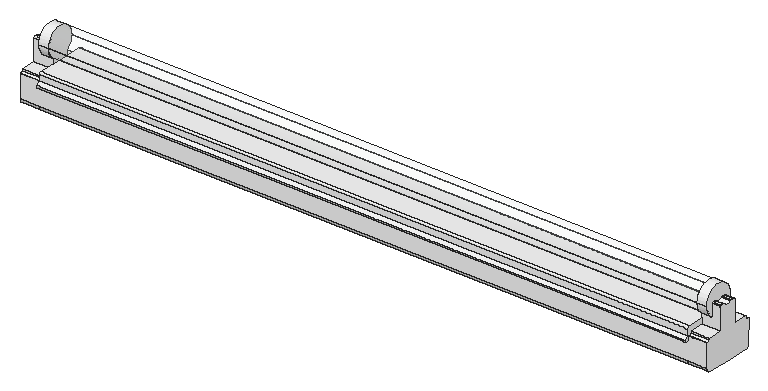
Revit family "CH3", category Lighting Fixtures, host Face, Revit 2012
Parameters (values of type "CH3")
  Wattage Comments = "14W - 54W"
  Wattage = 54 W
  built-in parameter 1150110 = 1 (stored number, unit not read)
  URL = "http://www.columbialighting.com/"
  built-in parameter 1114217 = 1 (stored number, unit not read)
  Tilt Angle = -90.00°
  built-in parameter 1150109 = 1 (stored number, unit not read)
  built-in parameter 1150134 = 3
  built-in parameter 1150113 = 1 (stored number, unit not read)
  Product Page URL = "http://www.columbialighting.com/products/ch"
  Product Documentation Link = "http://www.columbialighting.com/content/products/specs/specs_files/ch.pdf"
  Photometric Web File = "generic"
  built-in parameter 1150142 = (empty or 0)
  Model = "CH3"  # constant formula
  Manufacturer Phone = "864.678.1000"  # constant formula
  Manufacturer Fax = "866.898.1065"  # constant formula
  Manufacturer = "Columbia Lighting"  # constant formula
  built-in parameter 1150105 = 638.31 (stored number, unit not read)
  Lumens = 8021.27 lm
  built-in parameter 1150115 = 1 (stored number, unit not read)
  built-in parameter 1150137 = (empty or 0)
  built-in parameter 1150139 = (empty or 0)
  built-in parameter 1150112 = 1 (stored number, unit not read)
  built-in parameter 1150114 = 1 (stored number, unit not read)
  Lamp = "1 OR 2"  # constant formula
  built-in parameter 1150132 = (empty or 0)
  built-in parameter 1150102 = (empty or 0)
  built-in parameter 1150107 = 3200 (stored number, unit not read)
  built-in parameter 1150138 = (empty or 0)
  built-in parameter 1150106 = 6.3831 (stored number, unit not read)
  Glass = Glass
  Emit from Line Length = 15.000"
  built-in parameter 1150104 = 13.8 (stored number, unit not read)
  Dimming Lamp Color Temperature Shift = <None>
  Description = "2', 3', 4', or 8' Heavy Duty Narrow Channel / 1or 2-Lamp T5, T8"  # constant formula
  Default Elevation = 48.000"
  Color Filter = 16777215
  built-in parameter 1114218 = 1 (stored number, unit not read)
  Backbox = White
  built-in parameter 1150133 = 10 (stored number, unit not read)
Reference planes (in)
  plane 1 "Center (Front/Back)": y = 0.03999
  plane 2: z = 0
  plane 3 "Center (Left/Right)": x = -6.42646
  plane 4: y = 1.53999
  plane 5: y = -1.46001
  plane 6: x = -24.42646
  plane 7: x = 11.57354
  plane 8: x = -23.92646
  plane 9: x = 11.07354
  plane 10: z = 3.4375
  plane 11: z = 1.5625
  plane 12: x = 10.57354
  plane 13: x = -23.42646
  plane 14: z = 1.8125
Forms (in)
  Extrusion 1, solid, material "White" <- "Backbox"
    sketch origin (-6.42646, 0, 0) x (0, 1, 0) y (0, 0, 1)
      loop
        line (0.03999, 1.5625) -> (-1.1639, 1.5625) -> (-1.1639, 1.4809)
        arc (-1.1639, 1.4809) -> (-1.18847, 1.42158) -> (-1.2478, 1.397) r 0.08389
        line (-1.2478, 1.397) -> (-1.30283, 1.397) -> (-1.30283, 0.20563)
        arc (-1.30283, 0.20563) -> (-1.24261, 0.06023) -> (-1.09721, 0) r 0.20563
        line (-1.09721, 0) -> (0.03999, 0) -> (1.17719, 0)
        arc (1.17719, 0) -> (1.32259, 0.06023) -> (1.38282, 0.20563) r 0.20563
        line (1.38282, 0.20563) -> (1.38282, 1.397) -> (1.32778, 1.397)
        arc (1.32778, 1.397) -> (1.26846, 1.42158) -> (1.24388, 1.4809) r 0.08389
        line (1.24388, 1.4809) -> (1.24388, 1.5625) -> (0.03999, 1.5625)
    from -18 to -17
  Extrusion 2, solid, material "White" <- "Backbox"
    sketch origin (-6.42646, 0, 0) x (0, 1, 0) y (0, 0, 1)
      loop
        line (1.38282, 0.20563) -> (1.38282, 1.147) -> (1.48609, 1.147)
        arc (1.48609, 1.147) -> (1.53766, 1.18078) -> (1.52729, 1.24156) r 0.05626
        arc (1.52729, 1.24156) -> (1.45578, 1.31995) -> (1.38282, 1.397) r 5.7198
        line (1.38282, 1.397) -> (1.38282, 1.71027)
        arc (1.38282, 1.71027) -> (1.35288, 1.78256) -> (1.28059, 1.8125) r 0.10223
        line (1.28059, 1.8125) -> (0.03999, 1.8125) -> (-1.20061, 1.8125)
        arc (-1.20061, 1.8125) -> (-1.27289, 1.78256) -> (-1.30283, 1.71027) r 0.10223
        line (-1.30283, 1.71027) -> (-1.30283, 1.397)
        arc (-1.30283, 1.397) -> (-1.37579, 1.31995) -> (-1.44731, 1.24156) r 5.7198
        arc (-1.44731, 1.24156) -> (-1.45768, 1.18078) -> (-1.40611, 1.147) r 0.05626
        line (-1.40611, 1.147) -> (-1.30283, 1.147) -> (-1.30283, 0.20563)
        arc (-1.30283, 0.20563) -> (-1.24261, 0.06023) -> (-1.09721, 0) r 0.20563
        line (-1.09721, 0) -> (0.03999, 0) -> (1.17719, 0)
        arc (1.17719, 0) -> (1.32259, 0.06023) -> (1.38282, 0.20563) r 0.20563
    from -17 to 17
  Extrusion 3, solid, material "White" <- "Backbox"
    sketch origin (-6.42646, 0, 0) x (0, 1, 0) y (0, 0, 1)
      loop
        line (1.24388, 1.4809) -> (1.24388, 1.5625) -> (0.03999, 1.5625) -> (-1.1639, 1.5625) -> (-1.1639, 1.4809)
        arc (-1.1639, 1.4809) -> (-1.18847, 1.42158) -> (-1.2478, 1.397) r 0.08389
        line (-1.2478, 1.397) -> (-1.30283, 1.397) -> (-1.30283, 0.20563)
        arc (-1.30283, 0.20563) -> (-1.24261, 0.06023) -> (-1.09721, 0) r 0.20563
        line (-1.09721, 0) -> (0.03999, 0) -> (1.17719, 0)
        arc (1.17719, 0) -> (1.32259, 0.06023) -> (1.38282, 0.20563) r 0.20563
        line (1.38282, 0.20563) -> (1.38282, 1.397) -> (1.32778, 1.397)
        arc (1.32778, 1.397) -> (1.26846, 1.42158) -> (1.24388, 1.4809) r 0.08389
    from 17 to 18
  Extrusion 4, solid, material "White" <- "Backbox"
    sketch origin (-6.42646, 0, 0) x (0, 1, 0) y (0, 0, 1)
      loop
        circle (0.03999, 2.67788) r 0.75962
    from 17 to 17.5
  Extrusion 5, solid, material "White" <- "Backbox"
    sketch origin (-6.42646, 0, 0) x (0, 1, 0) y (0, 0, 1)
      loop
        line (-0.20913, 2.7447) -> (-0.33744, 2.7447)
        arc (-0.33744, 2.7447) -> (-0.37267, 2.73011) -> (-0.38726, 2.69488) r 0.04982
        line (-0.38726, 2.69488) -> (-0.38726, 1.5625) -> (0.46724, 1.5625) -> (0.46724, 2.6918)
        arc (0.46724, 2.6918) -> (0.45174, 2.72921) -> (0.41433, 2.7447) r 0.05291
        line (0.41433, 2.7447) -> (0.2463, 2.7447)
        arc (0.2463, 2.7447) -> (0.22298, 2.73902) -> (0.20488, 2.72324) r 0.0507
        arc (0.20488, 2.72324) -> (0.02033, 2.62769) -> (-0.16483, 2.72204) r 0.22742
        arc (-0.16483, 2.72204) -> (-0.18425, 2.73871) -> (-0.20913, 2.7447) r 0.05462
    from -18 to -17
  Extrusion 6, solid, material "White" <- "Backbox"
    sketch origin (-6.42646, 0, 0) x (0, 1, 0) y (0, 0, 1)
      loop
        line (0.41433, 2.7447) -> (0.2463, 2.7447)
        arc (0.2463, 2.7447) -> (0.22298, 2.73902) -> (0.20488, 2.72324) r 0.0507
        arc (0.20488, 2.72324) -> (0.02033, 2.62769) -> (-0.16483, 2.72204) r 0.22742
        arc (-0.16483, 2.72204) -> (-0.18425, 2.73871) -> (-0.20913, 2.7447) r 0.05462
        line (-0.20913, 2.7447) -> (-0.33744, 2.7447)
        arc (-0.33744, 2.7447) -> (-0.37267, 2.73011) -> (-0.38726, 2.69488) r 0.04982
        line (-0.38726, 2.69488) -> (-0.38726, 1.5625) -> (0.46724, 1.5625) -> (0.46724, 2.6918)
        arc (0.46724, 2.6918) -> (0.45174, 2.72921) -> (0.41433, 2.7447) r 0.05291
    from 17 to 18
  Extrusion 7, solid, material "Glass" <- "Glass"
    sketch origin (-6.42646, 0, 0) x (0, 1, 0) y (0, 0, 1)
      loop
        circle (0.03999, 2.67788) r 0.75
    from -17 to 17
  Extrusion 8, solid, material "White" <- "Backbox"
    sketch origin (-6.42646, 0, 0) x (0, 1, 0) y (0, 0, 1)
      loop
        circle (0.03999, 2.67788) r 0.75
    from -17 to -17.5
Cuts and joins
  joined: Extrusion 1, Extrusion 2, Extrusion 3, Extrusion 4, Extrusion 5, Extrusion 6, Extrusion 8
Lines and regions (in)
  model lines
    curve 1: circle (11.57354, 0.04069, 0.78321) r 0.5 normal (1, 0, 0)
    curve 2: circle (11.57354, 0.03253, 0.77505) r 0.28793 normal (1, 0, 0)
    curve 3: circle (11.57354, 0.97735, 1.13799) r 0.09942 normal (1, 0, 0)
    curve 4: circle (11.57354, -0.89737, 1.13799) r 0.09942 normal (-1, 0, 0)
    curve 5: circle (-24.42646, 0.04069, 0.78321) r 0.5 normal (1, 0, 0)
    curve 6: circle (-24.42646, 0.03253, 0.77505) r 0.28793 normal (1, 0, 0)
    curve 7: circle (-24.42646, 0.97735, 1.13799) r 0.09942 normal (1, 0, 0)
    curve 8: circle (-24.42646, -0.89737, 1.13799) r 0.09942 normal (-1, 0, 0)
Dimensions and locks (in)
  equal spacing: plane 4, plane 1 "Center (Front/Back)", plane 5
  locked: plane 4 to plane 5 at 3
  equal spacing: plane 7, plane 3 "Center (Left/Right)", plane 6
  locked: plane 7 to plane 6 at 36
  locked: plane 8 to plane 6 at 0.5
  locked: plane 9 to plane 7 at 0.5
  locked: plane 10 to level at 3.4375
  locked: plane 11 to host face at 1.5625
  locked: plane 12 to plane 7 at 1
  locked: plane 13 to plane 6 at 1
  locked: plane 14 to host face at 1.8125
  equal spacing: Extrusion 5 sketch curve, plane 1 "Center (Front/Back)", Extrusion 5 sketch curve
  aligned and locked: plane 2 to host face
  aligned and locked: level to host face
  aligned and locked: plane 3 "Center (Left/Right)" to imposter light
  aligned and locked: Extrusion 2 sketch curve to Extrusion 1  (x2)
  aligned and locked: Extrusion 3 sketch curve to Extrusion 1  (x10)
  aligned and locked: Extrusion 2 to plane 13
  aligned and locked: Extrusion 2 to plane 12
  aligned and locked: Extrusion 3 to plane 7
  aligned and locked: plane 12 to Extrusion 3
  aligned and locked: Extrusion 1 to plane 6
  aligned and locked: plane 13 to Extrusion 1
  aligned and locked: Extrusion 4 to plane 9
  aligned and locked: plane 12 to Extrusion 4
  aligned and locked: Extrusion 5 sketch curve to Extrusion 5 sketch curve
  aligned and locked: plane 11 to Extrusion 5 sketch curve
  aligned and locked: Extrusion 6 sketch curve to Extrusion 5  (x7)
  aligned and locked: Extrusion 6 to plane 7
  aligned and locked: plane 12 to Extrusion 6
  aligned and locked: Extrusion 5 to plane 6
  aligned and locked: plane 13 to Extrusion 5
  aligned and locked: Extrusion 8 sketch curve to Extrusion 7  (x2)
  aligned and locked: Extrusion 8 to plane 13
  aligned and locked: Extrusion 8 to plane 8
  aligned and locked: Extrusion 7 to plane 13
  aligned and locked: Extrusion 7 to plane 12
  aligned and locked: imposter light to plane 1 "Center (Front/Back)"
  aligned and locked: imposter light to cut or joined group of Extrusion 1, Extrusion 2, Extrusion 3, Extrusion 4, Extrusion 5, Extrusion 6, Extrusion 8
Automatic sketch dimensions
  host sketch curve to host sketch curve = 96.000"  (x2)
  Extrusion 1 sketch curve to plane 11 = 0.000"
  Extrusion 1 sketch curve to level = 0.000"
  Extrusion 1 sketch curve to plane 1 "Center (Front/Back)" = 0.000"  (x2)
  plane 5 to Extrusion 1 sketch curve = 0.3628"
  Extrusion 1 sketch curve to plane 11 = 0.0816"
  plane 5 to Extrusion 1 sketch curve = 0.29611"
  Extrusion 1 sketch curve to Extrusion 1 sketch curve = 0.08389"  (x2)
  plane 5 to Extrusion 1 sketch curve = 0.15717"
  plane 4 to Extrusion 1 sketch curve = 0.3628"
  plane 4 to Extrusion 1 sketch curve = 0.29611"
  Extrusion 1 sketch curve to Extrusion 1 sketch curve = 0.05504"
  Extrusion 1 sketch curve to plane 11 = 0.1655"
  Extrusion 4 sketch curve to plane 1 "Center (Front/Back)" = 0.000"
  Extrusion 4 sketch curve to plane 10 = 0.75962"
  plane 1 "Center (Front/Back)" to Extrusion 5 sketch curve = 0.42725"
  Extrusion 5 sketch curve to Extrusion 5 sketch curve = 0.04982"
  Extrusion 5 sketch curve to Extrusion 5 sketch curve = 0.12831"
  Extrusion 5 sketch curve to Extrusion 5 sketch curve = 0.04429"
  Extrusion 5 sketch curve to Extrusion 5 sketch curve = 0.000"  (x2)
  plane 1 "Center (Front/Back)" to Extrusion 5 sketch curve = 0.0204"
  Extrusion 5 sketch curve to plane 1 "Center (Front/Back)" = 0.16489"
  Extrusion 5 sketch curve to Extrusion 5 sketch curve = 0.04142"
  Extrusion 5 sketch curve to Extrusion 5 sketch curve = 0.05291"
  Extrusion 5 sketch curve to plane 10 = 0.7457"
  Extrusion 7 sketch curve to Extrusion 7 sketch curve = 0.000"  (x2)
  Extrusion 7 sketch curve to plane 1 "Center (Front/Back)" = 0.000"
  plane 5 to Extrusion 7 sketch curve = 0.750"
  Extrusion 7 sketch curve to plane 10 = 0.75962"
  Extrusion 2 sketch curve to plane 14 = 0.000"
  Extrusion 2 sketch curve to plane 1 "Center (Front/Back)" = 0.000"  (x2)
  level to Extrusion 2 sketch curve = 0.20563"
  plane 5 to Extrusion 2 sketch curve = 0.3628"
  plane 5 to Extrusion 2 sketch curve = 0.2594"
  Extrusion 2 sketch curve to plane 14 = 0.10223"
  plane 5 to Extrusion 2 sketch curve = 0.0539"
  plane 5 to Extrusion 2 sketch curve = 0.0127"
  Extrusion 2 sketch curve to plane 5 = 1.27383"
  plane 4 to Extrusion 2 sketch curve = 0.2594"
  plane 4 to Extrusion 2 sketch curve = 0.15717"
  plane 4 to Extrusion 2 sketch curve = 0.0539"
  plane 4 to Extrusion 2 sketch curve = 0.0127"
  Extrusion 2 sketch curve to plane 4 = 1.27383"
  Extrusion 2 sketch curve to level = 2.57406"  (x2)
  Extrusion 2 sketch curve to plane 11 = 0.4155"  (x2)
  Extrusion 2 sketch curve to Extrusion 2 sketch curve = 0.05626"  (x2)
  Extrusion 3 sketch curve to plane 1 "Center (Front/Back)" = 0.000"  (x2)
  curve 4 to Extrusion 3 = 0.26653"
  curve 4 to curve 2 = 0.9299"
  curve 2 to curve 1 = 0.00816"  (x2)
  curve 3 to Extrusion 3 = 0.26653"
  curve 2 to Extrusion 3 = 0.62195"
  curve 4 to Extrusion 3 = 0.25901"
  curve 3 to Extrusion 3 = 0.25901"
  plane 5 to curve 8 = 0.56264"
  plane 1 "Center (Front/Back)" to curve 6 = 0.00746"
  curve 5 to plane 1 "Center (Front/Back)" = 0.0007"
  plane 4 to curve 7 = 0.56264"
  curve 8 to plane 11 = 0.42451"
  curve 7 to plane 11 = 0.42451"
  curve 5 to plane 11 = 0.77929"
  curve 5 to curve 6 = 0.00816"
  radius of Extrusion 4 sketch curve = 0.75962"
  radius of curve 1 = 0.500"
  radius of curve 2 = 0.28793"
  radius of curve 3 = 0.09942"
  radius of curve 4 = 0.09942"
  radius of curve 5 = 0.500"
  radius of curve 6 = 0.28793"
  radius of curve 7 = 0.09942"
  radius of curve 8 = 0.09942"
Connectors (in)
  electrical at (-7.08271, 0, 0), driven by "Description"
    settings: on host face, index 1, voltage 0 V, apparent load 0 VA, apparent load phase1 0 VA, apparent load phase2 0 VA, apparent load phase3 0 VA, power factor 1, load classification "Other", number of poles 1, system type 30, power factor state 1, is connector primary yes, connector utility no, sub classification motor no, connector description "2', 3', 4', or 8' Heavy Duty Narrow Channel / 1or 2-Lamp T5, T8"
